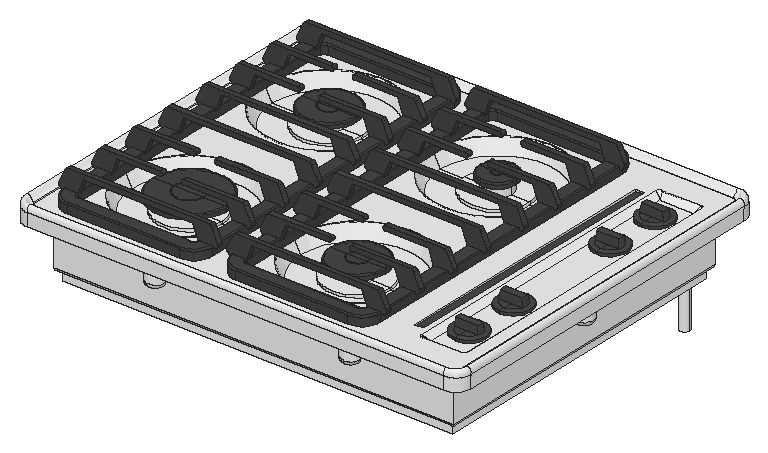
Revit family "QF_Summit_ZTL033S_Cooktop", category Specialty Equipment, Revit 2020 (continued)
Definition of nested family "Summit_Cast"
  Forms (in)
    Extrusion 4, solid
      sketch origin (0, -6.75, 0) x (1, 0, 0) y (0, 0, 1)
        loop
          line (0.74803, 0.3877) -> (1.06188, 1.25) -> (6.93812, 1.25) -> (7.25197, 0.3877) -> (8.14564, 0.3877) -> (8.25406, 0.49612)
          arc (8.25406, 0.49612) -> (8.2924, 0.56977) -> (8.28157, 0.65209) r 0.13806
          line (8.28157, 0.65209) -> (7.93816, 1.38852) -> (7.82668, 1.5) -> (0.17332, 1.5) -> (0.06184, 1.38852) -> (-0.28157, 0.65209)
          arc (-0.28157, 0.65209) -> (-0.2924, 0.56977) -> (-0.25406, 0.49612) r 0.13806
          line (-0.25406, 0.49612) -> (-0.14564, 0.3877) -> (0.74803, 0.3877)
      from 1 to 1.25
    Extrusion 5, solid
      sketch origin (0, -4.5, 0) x (1, 0, 0) y (0, 0, 1)
        loop
          line (0.74803, 0.3877) -> (1.06188, 1.25) -> (3.36913, 1.25)
          arc (3.36913, 1.25) -> (3.49413, 1.375) -> (3.36913, 1.5) r 0.125
          line (3.36913, 1.5) -> (0.17332, 1.5) -> (0.06184, 1.38852) -> (-0.28157, 0.65209)
          arc (-0.28157, 0.65209) -> (-0.2924, 0.56977) -> (-0.25406, 0.49612) r 0.13806
          line (-0.25406, 0.49612) -> (-0.14564, 0.3877) -> (0.74803, 0.3877)
        loop
          line (7.25197, 0.3877) -> (8.14564, 0.3877) -> (8.25406, 0.49612)
          arc (8.25406, 0.49612) -> (8.2924, 0.56977) -> (8.28157, 0.65209) r 0.13806
          line (8.28157, 0.65209) -> (7.93816, 1.38852) -> (7.82668, 1.5) -> (4.62959, 1.5)
          arc (4.62959, 1.5) -> (4.50459, 1.375) -> (4.62959, 1.25) r 0.125
          line (4.62959, 1.25) -> (6.93812, 1.25) -> (7.25197, 0.3877)
      from 1 to 1.25
    Extrusion 6, solid
      sketch origin (0, -18.25, 0) x (1, 0, 0) y (0, 0, -1)
        loop
          line (0.74803, -0.3877) -> (-0.14564, -0.3877) -> (-0.25406, -0.49612)
          arc (-0.25406, -0.49612) -> (-0.2924, -0.56977) -> (-0.28157, -0.65209) r 0.13806
          line (-0.28157, -0.65209) -> (0.06184, -1.38852) -> (0.17332, -1.5) -> (7.82668, -1.5) -> (7.93816, -1.38852) -> (8.28157, -0.65209)
          arc (8.28157, -0.65209) -> (8.2924, -0.56977) -> (8.25406, -0.49612) r 0.13806
          line (8.25406, -0.49612) -> (8.14564, -0.3877) -> (7.25197, -0.3877) -> (6.93812, -1.25) -> (1.06188, -1.25) -> (0.74803, -0.3877)
      from 1 to 1.25
    Extrusion 7, solid
      sketch origin (0, -16, 0) x (1, 0, 0) y (0, 0, -1)
        loop
          line (0.74803, -0.3877) -> (-0.14564, -0.3877) -> (-0.25406, -0.49612)
          arc (-0.25406, -0.49612) -> (-0.2924, -0.56977) -> (-0.28157, -0.65209) r 0.13806
          line (-0.28157, -0.65209) -> (0.06184, -1.38852) -> (0.17332, -1.5) -> (3.36913, -1.5)
          arc (3.36913, -1.5) -> (3.49413, -1.375) -> (3.36913, -1.25) r 0.125
          line (3.36913, -1.25) -> (1.06188, -1.25) -> (0.74803, -0.3877)
        loop
          line (7.25197, -0.3877) -> (6.93812, -1.25) -> (4.62959, -1.25)
          arc (4.62959, -1.25) -> (4.50459, -1.375) -> (4.62959, -1.5) r 0.125
          line (4.62959, -1.5) -> (7.82668, -1.5) -> (7.93816, -1.38852) -> (8.28157, -0.65209)
          arc (8.28157, -0.65209) -> (8.2924, -0.56977) -> (8.25406, -0.49612) r 0.13806
          line (8.25406, -0.49612) -> (8.14564, -0.3877) -> (7.25197, -0.3877)
      from 1 to 1.25
    Extrusion 8, solid
      sketch origin (0, -11.5, 0) x (1, 0, 0) y (0, 0, -1)
        loop
          line (0.74803, -0.3877) -> (-0.14564, -0.3877) -> (-0.25406, -0.49612)
          arc (-0.25406, -0.49612) -> (-0.2924, -0.56977) -> (-0.28157, -0.65209) r 0.13806
          line (-0.28157, -0.65209) -> (0.06184, -1.38852) -> (0.17332, -1.5) -> (7.82668, -1.5) -> (7.93816, -1.38852) -> (8.28157, -0.65209)
          arc (8.28157, -0.65209) -> (8.2924, -0.56977) -> (8.25406, -0.49612) r 0.13806
          line (8.25406, -0.49612) -> (8.14564, -0.3877) -> (7.25197, -0.3877) -> (6.93812, -1.25) -> (1.06188, -1.25) -> (0.74803, -0.3877)
      from 1 to 1.25
    Extrusion 9, solid
      sketch origin (0, -13.75, 0) x (1, 0, 0) y (0, 0, -1)
        loop
          line (0.74803, -0.3877) -> (-0.14564, -0.3877) -> (-0.25406, -0.49612)
          arc (-0.25406, -0.49612) -> (-0.2924, -0.56977) -> (-0.28157, -0.65209) r 0.13806
          line (-0.28157, -0.65209) -> (0.06184, -1.38852) -> (0.17332, -1.5) -> (3.36913, -1.5)
          arc (3.36913, -1.5) -> (3.49413, -1.375) -> (3.36913, -1.25) r 0.125
          line (3.36913, -1.25) -> (1.06188, -1.25) -> (0.74803, -0.3877)
        loop
          line (7.25197, -0.3877) -> (6.93812, -1.25) -> (4.62959, -1.25)
          arc (4.62959, -1.25) -> (4.50459, -1.375) -> (4.62959, -1.5) r 0.125
          line (4.62959, -1.5) -> (7.82668, -1.5) -> (7.93816, -1.38852) -> (8.28157, -0.65209)
          arc (8.28157, -0.65209) -> (8.2924, -0.56977) -> (8.25406, -0.49612) r 0.13806
          line (8.25406, -0.49612) -> (8.14564, -0.3877) -> (7.25197, -0.3877)
      from 1 to 1.25
  Lines and regions (in)
    symbolic lines
      curve 1: line (7, -0.75, 1.5) -> (1, -0.75, 1.5)
      curve 2: arc (1, -0.75, 1.5) -> (0.82322, -0.82322, 1.5) -> (0.75, -1, 1.5) r 0.25
      curve 3: line (0.75, -1, 1.5) -> (0.75, -3.25, 1.5)
      curve 4: arc (0.75, -17.25, 1.5) -> (0.82322, -17.42678, 1.5) -> (1, -17.5, 1.5) r 0.25
      curve 5: line (1, -17.5, 1.5) -> (7, -17.5, 1.5)
      curve 6: arc (7, -17.5, 1.5) -> (7.17678, -17.42678, 1.5) -> (7.25, -17.25, 1.5) r 0.25
      curve 7: arc (7.25, -1, 1.5) -> (7.17678, -0.82322, 1.5) -> (7, -0.75, 1.5) r 0.25
      curve 8: arc (0, -1, 1.5) -> (0.29289, -0.29289, 1.5) -> (1, 0, 1.5) r 1
      curve 9: line (1, 0, 1.5) -> (7, 0, 1.5)
      curve 10: arc (7, 0, 1.5) -> (7.70711, -0.29289, 1.5) -> (8, -1, 1.5) r 1
      curve 11: arc (8, -17.25, 1.5) -> (7.70711, -17.95711, 1.5) -> (7, -18.25, 1.5) r 1
      curve 12: line (7, -18.25, 1.5) -> (1, -18.25, 1.5)
      curve 13: arc (1, -18.25, 1.5) -> (0.29289, -17.95711, 1.5) -> (0, -17.25, 1.5) r 1
      curve 14: line (-0.2945, -1.25, 1.5) -> (8.2945, -1.25, 1.5)
      curve 15: line (8.2945, -1, 1.5) -> (-0.2945, -1, 1.5)
      curve 16: line (-0.2945, -1, 1.5) -> (-0.2945, -1.25, 1.5)
      curve 17: line (8.2945, -1, 1.5) -> (8.2945, -1.25, 1.5)
      curve 18: line (4.50459, -3.25, 1.5) -> (8.2945, -3.25, 1.5)
      curve 19: line (4.50459, -3.5, 1.5) -> (4.50459, -3.25, 1.5)
      curve 20: line (8.2945, -3.5, 1.5) -> (4.50459, -3.5, 1.5)
      curve 21: line (8.2945, -3.25, 1.5) -> (8.2945, -3.5, 1.5)
      curve 22: line (-0.2945, -3.25, 1.5) -> (3.49413, -3.25, 1.5)
      curve 23: line (-0.2945, -3.5, 1.5) -> (-0.2945, -3.25, 1.5)
      curve 24: line (3.49413, -3.5, 1.5) -> (0, -3.5, 1.5)
      curve 25: line (3.49413, -3.25, 1.5) -> (3.49413, -3.5, 1.5)
      curve 26: line (-0.2945, -5.5, 1.5) -> (3.49413, -5.5, 1.5)
      curve 27: line (-0.2945, -5.75, 1.5) -> (-0.2945, -5.5, 1.5)
      curve 28: line (3.49413, -5.75, 1.5) -> (-0.2945, -5.75, 1.5)
      curve 29: line (3.49413, -5.5, 1.5) -> (3.49413, -5.75, 1.5)
      curve 30: line (4.50459, -5.5, 1.5) -> (8.2945, -5.5, 1.5)
      curve 31: line (4.50459, -5.75, 1.5) -> (4.50459, -5.5, 1.5)
      curve 32: line (8.2945, -5.75, 1.5) -> (4.50459, -5.75, 1.5)
      curve 33: line (8.2945, -5.5, 1.5) -> (8.2945, -5.75, 1.5)
      curve 34: line (-0.2945, -7.75, 1.5) -> (8.2945, -7.75, 1.5)
      curve 35: line (-0.2945, -8, 1.5) -> (-0.2945, -7.75, 1.5)
      curve 36: line (8.2945, -8, 1.5) -> (-0.2945, -8, 1.5)
      curve 37: line (8.2945, -7.75, 1.5) -> (8.2945, -8, 1.5)
      curve 38: line (-0.2945, -10.25, 1.5) -> (8.2945, -10.25, 1.5)
      curve 39: line (-0.2945, -10.5, 1.5) -> (-0.2945, -10.25, 1.5)
      curve 40: line (8.2945, -10.5, 1.5) -> (-0.2945, -10.5, 1.5)
      curve 41: line (8.2945, -10.25, 1.5) -> (8.2945, -10.5, 1.5)
      curve 42: line (-0.2945, -12.5, 1.5) -> (3.49413, -12.5, 1.5)
      curve 43: line (-0.2945, -12.75, 1.5) -> (-0.2945, -12.5, 1.5)
      curve 44: line (3.49413, -12.75, 1.5) -> (-0.2945, -12.75, 1.5)
      curve 45: line (3.49413, -12.5, 1.5) -> (3.49413, -12.75, 1.5)
      curve 46: line (4.50459, -12.5, 1.5) -> (8.2945, -12.5, 1.5)
      curve 47: line (4.50459, -12.75, 1.5) -> (4.50459, -12.5, 1.5)
      curve 48: line (8.2945, -12.75, 1.5) -> (4.50459, -12.75, 1.5)
      curve 49: line (8.2945, -12.5, 1.5) -> (8.2945, -12.75, 1.5)
      curve 50: line (-0.2945, -14.75, 1.5) -> (3.49413, -14.75, 1.5)
      curve 51: line (-0.2945, -15, 1.5) -> (-0.2945, -14.75, 1.5)
      curve 52: line (3.49413, -15, 1.5) -> (-0.2945, -15, 1.5)
      curve 53: line (3.49413, -14.75, 1.5) -> (3.49413, -15, 1.5)
      curve 54: line (4.50459, -14.75, 1.5) -> (8.2945, -14.75, 1.5)
      curve 55: line (4.50459, -15, 1.5) -> (4.50459, -14.75, 1.5)
      curve 56: line (8.2945, -15, 1.5) -> (4.50459, -15, 1.5)
      curve 57: line (8.2945, -14.75, 1.5) -> (8.2945, -15, 1.5)
      curve 58: line (-0.2945, -17, 1.5) -> (8.2945, -17, 1.5)
      curve 59: line (-0.2945, -17.25, 1.5) -> (-0.2945, -17, 1.5)
      curve 60: line (8.2945, -17.25, 1.5) -> (-0.2945, -17.25, 1.5)
      curve 61: line (8.2945, -17, 1.5) -> (8.2945, -17.25, 1.5)
      curve 62: line (8, -1.25, 1.5) -> (8, -3.25, 1.5)
      curve 63: line (0, -3.25, 1.5) -> (0, -1.25, 1.5)
      curve 64: line (0, -3.5, 1.5) -> (-0.2945, -3.5, 1.5)
      curve 65: line (0.75, -3.5, 1.5) -> (0.75, -5.5, 1.5)
      curve 66: line (7.25, -3.25, 1.5) -> (7.25, -1, 1.5)
      curve 67: line (8, -3.5, 1.5) -> (8, -5.5, 1.5)
      curve 68: line (8, -5.75, 1.5) -> (8, -7.75, 1.5)
      curve 69: line (7.25, -5.5, 1.5) -> (7.25, -3.5, 1.5)
      curve 70: line (0.75, -5.75, 1.5) -> (0.75, -7.75, 1.5)
      curve 71: line (0, -5.5, 1.5) -> (0, -3.5, 1.5)
      curve 72: line (0, -7.75, 1.5) -> (0, -5.75, 1.5)
      curve 73: line (0.75, -8, 1.5) -> (0.75, -10.25, 1.5)
      curve 74: line (7.25, -7.75, 1.5) -> (7.25, -5.75, 1.5)
      curve 75: line (8, -8, 1.5) -> (8, -10.25, 1.5)
      curve 76: line (8, -10.5, 1.5) -> (8, -12.5, 1.5)
      curve 77: line (7.25, -10.25, 1.5) -> (7.25, -8, 1.5)
      curve 78: line (8, -12.75, 1.5) -> (8, -14.75, 1.5)
      curve 79: line (7.25, -12.5, 1.5) -> (7.25, -10.5, 1.5)
      curve 80: line (8, -15, 1.5) -> (8, -17, 1.5)
      curve 81: line (7.25, -14.75, 1.5) -> (7.25, -12.75, 1.5)
      curve 82: line (0.75, -12.75, 1.5) -> (0.75, -14.75, 1.5)
      curve 83: line (0.75, -10.5, 1.5) -> (0.75, -12.5, 1.5)
      curve 84: line (0, -12.5, 1.5) -> (0, -8, 1.5)
      curve 85: line (0, -14.75, 1.5) -> (0, -12.75, 1.5)
      curve 86: line (0.75, -15, 1.5) -> (0.75, -17, 1.5)
      curve 87: line (7.25, -17, 1.5) -> (7.25, -15, 1.5)
      curve 88: line (0, -17, 1.5) -> (0, -15, 1.5)
  Dimensions and locks (in)
    equal spacing: plane 3 "LEFT", plane 7 "Center Y", plane 4 "RIGHT"
    "Length": plane 3 "LEFT" to plane 4 "RIGHT"
    equal spacing: plane 5 "FRONT", plane 8 "Center X", plane 1 "BACK"
    "Depth": plane 5 "FRONT" to plane 1 "BACK"
    "Height": plane 6 "TOP" to level
    aligned and locked: level to plane 2
  Automatic sketch dimensions
    Sweep 1 sketch curve to plane 4 "RIGHT" = 0"
    plane 5 "FRONT" to Sweep 1 sketch curve = 0"
    plane 1 "BACK" to Sweep 1 sketch curve = 0"
    Sweep 1 sketch curve to plane 3 "LEFT" = 0"
    Sweep 1 sketch curve to Sweep 1 sketch curve = 1"
    plane 4 "RIGHT" to Sweep 1 sketch curve = 1"
    plane 3 "LEFT" to Sweep 1 sketch curve = 1"  (x2)
    Sweep 1 sketch curve to profile plane = 0"
    profile plane to Sweep 1 sketch curve = 1/16"
    Sweep 1 sketch curve to Sweep 1 sketch curve = 5/8"
    Sweep 1 sketch curve to Sweep 1 sketch curve = 1/16"
    Sweep 1 sketch curve to plane 6 "TOP" = 1 1/2"
    Sweep 1 sketch curve to Sweep 1 sketch curve = 7/16"
    Extrusion 2 sketch curve to plane 6 "TOP" = 0"
    Extrusion 2 sketch curve to plane 3 "LEFT" = 0.28157"
    Extrusion 2 sketch curve to Extrusion 2 sketch curve = 0.0275"
    Extrusion 2 sketch curve to Extrusion 2 sketch curve = 0.12513"  (x2)
    Extrusion 2 sketch curve to plane 3 "LEFT" = 0.14564"
    plane 3 "LEFT" to Extrusion 2 sketch curve = 0.06184"
    Extrusion 2 sketch curve to Extrusion 2 sketch curve = 0.11148"
    plane 3 "LEFT" to Extrusion 2 sketch curve = 0.74803"
    Extrusion 2 sketch curve to plane 6 "TOP" = 1/4"
    Extrusion 2 sketch curve to Extrusion 2 sketch curve = 0.31385"
    plane 4 "RIGHT" to Extrusion 2 sketch curve = 1.06188"
    plane 4 "RIGHT" to Extrusion 2 sketch curve = 0.74803"
    plane 4 "RIGHT" to Extrusion 2 sketch curve = 0.17332"
    plane 4 "RIGHT" to Extrusion 2 sketch curve = 0.06184"
    Extrusion 2 sketch curve to plane 4 "RIGHT" = 0.14564"
    Extrusion 2 sketch curve to plane 4 "RIGHT" = 0.15644"
    Extrusion 2 sketch curve to Extrusion 2 sketch curve = 0.09762"
    level to Extrusion 2 sketch curve = 0.65209"  (x2)
    Extrusion 2 sketch curve to Extrusion 2 sketch curve = 0.05835"  (x2)
    level to Extrusion 2 sketch curve = 0.3877"
    Extrusion 2 sketch curve to Extrusion 2 sketch curve = 0.10842"
    Extrusion 2 sketch curve to plane 6 "TOP" = 0.11148"  (x2)
    Extrusion 3 sketch curve to plane 6 "TOP" = 0"  (x2)
    Extrusion 3 sketch curve to plane 3 "LEFT" = 0.28157"
    Extrusion 3 sketch curve to Extrusion 3 sketch curve = 0.0275"
    Extrusion 3 sketch curve to Extrusion 3 sketch curve = 0.12513"  (x2)
    Extrusion 3 sketch curve to plane 3 "LEFT" = 0.14564"
    plane 3 "LEFT" to Extrusion 3 sketch curve = 0.06184"
    Extrusion 3 sketch curve to Extrusion 3 sketch curve = 0.11148"
    plane 3 "LEFT" to Extrusion 3 sketch curve = 0.74803"
    Extrusion 3 sketch curve to plane 6 "TOP" = 1/4"  (x2)
    Extrusion 3 sketch curve to Extrusion 3 sketch curve = 0.31385"
    Extrusion 3 sketch curve to plane 7 "Center Y" = 0.63087"
    plane 7 "Center Y" to Extrusion 3 sketch curve = 0.62959"
    plane 4 "RIGHT" to Extrusion 3 sketch curve = 1.06188"
    plane 4 "RIGHT" to Extrusion 3 sketch curve = 0.74803"
    plane 4 "RIGHT" to Extrusion 3 sketch curve = 0.17332"
    plane 4 "RIGHT" to Extrusion 3 sketch curve = 0.06184"
    Extrusion 3 sketch curve to plane 4 "RIGHT" = 0.14564"
    Extrusion 3 sketch curve to plane 4 "RIGHT" = 0.15644"
    Extrusion 3 sketch curve to Extrusion 3 sketch curve = 0.09762"
    level to Extrusion 3 sketch curve = 0.65209"  (x2)
    Extrusion 3 sketch curve to Extrusion 3 sketch curve = 0.05835"  (x2)
    level to Extrusion 3 sketch curve = 0.3877"
    Extrusion 3 sketch curve to Extrusion 3 sketch curve = 0.10842"
    Extrusion 3 sketch curve to plane 6 "TOP" = 0.11148"  (x2)
    Extrusion 4 sketch curve to plane 6 "TOP" = 0"
    Extrusion 4 sketch curve to plane 3 "LEFT" = 0.28157"
    Extrusion 4 sketch curve to Extrusion 4 sketch curve = 0.0275"
    Extrusion 4 sketch curve to Extrusion 4 sketch curve = 0.12513"  (x2)
    Extrusion 4 sketch curve to plane 3 "LEFT" = 0.14564"
    plane 3 "LEFT" to Extrusion 4 sketch curve = 0.06184"
    Extrusion 4 sketch curve to Extrusion 4 sketch curve = 0.11148"
    plane 3 "LEFT" to Extrusion 4 sketch curve = 0.74803"
    Extrusion 4 sketch curve to plane 6 "TOP" = 1/4"
    Extrusion 4 sketch curve to Extrusion 4 sketch curve = 0.31385"
    plane 4 "RIGHT" to Extrusion 4 sketch curve = 1.06188"
    plane 4 "RIGHT" to Extrusion 4 sketch curve = 0.74803"
    plane 4 "RIGHT" to Extrusion 4 sketch curve = 0.17332"
    plane 4 "RIGHT" to Extrusion 4 sketch curve = 0.06184"
    Extrusion 4 sketch curve to plane 4 "RIGHT" = 0.14564"
    Extrusion 4 sketch curve to plane 4 "RIGHT" = 0.15644"
    Extrusion 4 sketch curve to Extrusion 4 sketch curve = 0.09762"
    level to Extrusion 4 sketch curve = 0.65209"  (x2)
    Extrusion 4 sketch curve to Extrusion 4 sketch curve = 0.05835"  (x2)
    level to Extrusion 4 sketch curve = 0.3877"
    Extrusion 4 sketch curve to Extrusion 4 sketch curve = 0.10842"
    Extrusion 4 sketch curve to plane 6 "TOP" = 0.11148"  (x2)
    Extrusion 5 sketch curve to plane 6 "TOP" = 0"  (x2)
    Extrusion 5 sketch curve to plane 3 "LEFT" = 0.28157"
    Extrusion 5 sketch curve to Extrusion 5 sketch curve = 0.0275"
    Extrusion 5 sketch curve to Extrusion 5 sketch curve = 0.12513"  (x2)
    Extrusion 5 sketch curve to plane 3 "LEFT" = 0.14564"
    plane 3 "LEFT" to Extrusion 5 sketch curve = 0.06184"
    Extrusion 5 sketch curve to Extrusion 5 sketch curve = 0.11148"
    plane 3 "LEFT" to Extrusion 5 sketch curve = 0.74803"
    Extrusion 5 sketch curve to plane 6 "TOP" = 1/4"  (x2)
    Extrusion 5 sketch curve to Extrusion 5 sketch curve = 0.31385"
    Extrusion 5 sketch curve to plane 7 "Center Y" = 0.63087"
    plane 7 "Center Y" to Extrusion 5 sketch curve = 0.62959"
    plane 4 "RIGHT" to Extrusion 5 sketch curve = 1.06188"
    plane 4 "RIGHT" to Extrusion 5 sketch curve = 0.74803"
    plane 4 "RIGHT" to Extrusion 5 sketch curve = 0.17332"
    plane 4 "RIGHT" to Extrusion 5 sketch curve = 0.06184"
    Extrusion 5 sketch curve to plane 4 "RIGHT" = 0.14564"
    Extrusion 5 sketch curve to plane 4 "RIGHT" = 0.15644"
    Extrusion 5 sketch curve to Extrusion 5 sketch curve = 0.09762"
    level to Extrusion 5 sketch curve = 0.65209"  (x2)
    Extrusion 5 sketch curve to Extrusion 5 sketch curve = 0.05835"  (x2)
    level to Extrusion 5 sketch curve = 0.3877"
    Extrusion 5 sketch curve to Extrusion 5 sketch curve = 0.10842"
    Extrusion 5 sketch curve to plane 6 "TOP" = 0.11148"  (x2)
    Extrusion 6 sketch curve to plane 6 "TOP" = 0"
    Extrusion 6 sketch curve to plane 3 "LEFT" = 0.28157"
    Extrusion 6 sketch curve to Extrusion 6 sketch curve = 0.0275"
    Extrusion 6 sketch curve to Extrusion 6 sketch curve = 0.12513"  (x2)
    Extrusion 6 sketch curve to plane 3 "LEFT" = 0.14564"
    plane 3 "LEFT" to Extrusion 6 sketch curve = 0.06184"
    Extrusion 6 sketch curve to Extrusion 6 sketch curve = 0.11148"
    plane 3 "LEFT" to Extrusion 6 sketch curve = 0.74803"
    Extrusion 6 sketch curve to plane 6 "TOP" = 1/4"
    Extrusion 6 sketch curve to Extrusion 6 sketch curve = 0.31385"
    plane 4 "RIGHT" to Extrusion 6 sketch curve = 1.06188"
    plane 4 "RIGHT" to Extrusion 6 sketch curve = 0.74803"
    plane 4 "RIGHT" to Extrusion 6 sketch curve = 0.17332"
    plane 4 "RIGHT" to Extrusion 6 sketch curve = 0.06184"
    Extrusion 6 sketch curve to plane 4 "RIGHT" = 0.14564"
    Extrusion 6 sketch curve to plane 4 "RIGHT" = 0.15644"
    Extrusion 6 sketch curve to Extrusion 6 sketch curve = 0.09762"
    Extrusion 6 sketch curve to plane 6 "TOP" = 0.11148"  (x2)
    level to Extrusion 6 sketch curve = 0.65209"  (x2)
    Extrusion 6 sketch curve to Extrusion 6 sketch curve = 0.05835"  (x2)
    Extrusion 6 sketch curve to Extrusion 6 sketch curve = 0.10842"
    level to Extrusion 6 sketch curve = 0.3877"
    Extrusion 7 sketch curve to plane 6 "TOP" = 0"  (x2)
    Extrusion 7 sketch curve to plane 3 "LEFT" = 0.28157"
    Extrusion 7 sketch curve to Extrusion 7 sketch curve = 0.0275"
    Extrusion 7 sketch curve to Extrusion 7 sketch curve = 0.12513"  (x2)
    Extrusion 7 sketch curve to plane 3 "LEFT" = 0.14564"
    plane 3 "LEFT" to Extrusion 7 sketch curve = 0.06184"
    Extrusion 7 sketch curve to Extrusion 7 sketch curve = 0.11148"
    plane 3 "LEFT" to Extrusion 7 sketch curve = 0.74803"
    Extrusion 7 sketch curve to plane 6 "TOP" = 1/4"  (x2)
    Extrusion 7 sketch curve to Extrusion 7 sketch curve = 0.31385"
    Extrusion 7 sketch curve to plane 7 "Center Y" = 0.63087"
    plane 7 "Center Y" to Extrusion 7 sketch curve = 0.62959"
    plane 4 "RIGHT" to Extrusion 7 sketch curve = 1.06188"
    plane 4 "RIGHT" to Extrusion 7 sketch curve = 0.74803"
    plane 4 "RIGHT" to Extrusion 7 sketch curve = 0.17332"
    plane 4 "RIGHT" to Extrusion 7 sketch curve = 0.06184"
    Extrusion 7 sketch curve to plane 4 "RIGHT" = 0.14564"
    Extrusion 7 sketch curve to plane 4 "RIGHT" = 0.15644"
    Extrusion 7 sketch curve to Extrusion 7 sketch curve = 0.09762"
    Extrusion 7 sketch curve to plane 6 "TOP" = 0.11148"  (x2)
    level to Extrusion 7 sketch curve = 0.65209"  (x2)
    Extrusion 7 sketch curve to Extrusion 7 sketch curve = 0.05835"  (x2)
    Extrusion 7 sketch curve to Extrusion 7 sketch curve = 0.10842"
    level to Extrusion 7 sketch curve = 0.3877"
    Extrusion 8 sketch curve to plane 6 "TOP" = 0"
    Extrusion 8 sketch curve to plane 3 "LEFT" = 0.28157"
    Extrusion 8 sketch curve to Extrusion 8 sketch curve = 0.0275"
    Extrusion 8 sketch curve to Extrusion 8 sketch curve = 0.12513"  (x2)
    Extrusion 8 sketch curve to plane 3 "LEFT" = 0.14564"
    plane 3 "LEFT" to Extrusion 8 sketch curve = 0.06184"
    Extrusion 8 sketch curve to Extrusion 8 sketch curve = 0.11148"
    plane 3 "LEFT" to Extrusion 8 sketch curve = 0.74803"
    Extrusion 8 sketch curve to plane 6 "TOP" = 1/4"
    Extrusion 8 sketch curve to Extrusion 8 sketch curve = 0.31385"
    plane 4 "RIGHT" to Extrusion 8 sketch curve = 1.06188"
    plane 4 "RIGHT" to Extrusion 8 sketch curve = 0.74803"
    plane 4 "RIGHT" to Extrusion 8 sketch curve = 0.17332"
    plane 4 "RIGHT" to Extrusion 8 sketch curve = 0.06184"
    Extrusion 8 sketch curve to plane 4 "RIGHT" = 0.14564"
    Extrusion 8 sketch curve to plane 4 "RIGHT" = 0.15644"
    Extrusion 8 sketch curve to Extrusion 8 sketch curve = 0.09762"
    Extrusion 8 sketch curve to plane 6 "TOP" = 0.11148"  (x2)
    level to Extrusion 8 sketch curve = 0.65209"  (x2)
    Extrusion 8 sketch curve to Extrusion 8 sketch curve = 0.05835"  (x2)
    Extrusion 8 sketch curve to Extrusion 8 sketch curve = 0.10842"
    level to Extrusion 8 sketch curve = 0.3877"
    Extrusion 9 sketch curve to plane 6 "TOP" = 0"  (x2)
    Extrusion 9 sketch curve to plane 3 "LEFT" = 0.28157"
    Extrusion 9 sketch curve to Extrusion 9 sketch curve = 0.0275"
    Extrusion 9 sketch curve to Extrusion 9 sketch curve = 0.12513"  (x2)
    Extrusion 9 sketch curve to plane 3 "LEFT" = 0.14564"
    plane 3 "LEFT" to Extrusion 9 sketch curve = 0.06184"
    Extrusion 9 sketch curve to Extrusion 9 sketch curve = 0.11148"
    plane 3 "LEFT" to Extrusion 9 sketch curve = 0.74803"
    Extrusion 9 sketch curve to plane 6 "TOP" = 1/4"  (x2)
    Extrusion 9 sketch curve to Extrusion 9 sketch curve = 0.31385"
    Extrusion 9 sketch curve to plane 7 "Center Y" = 0.63087"
    plane 7 "Center Y" to Extrusion 9 sketch curve = 0.62959"
    plane 4 "RIGHT" to Extrusion 9 sketch curve = 1.06188"
    plane 4 "RIGHT" to Extrusion 9 sketch curve = 0.74803"
    plane 4 "RIGHT" to Extrusion 9 sketch curve = 0.17332"
    plane 4 "RIGHT" to Extrusion 9 sketch curve = 0.06184"
    Extrusion 9 sketch curve to plane 4 "RIGHT" = 0.14564"
    Extrusion 9 sketch curve to plane 4 "RIGHT" = 0.15644"
    Extrusion 9 sketch curve to Extrusion 9 sketch curve = 0.09762"
    Extrusion 9 sketch curve to plane 6 "TOP" = 0.11148"  (x2)
    level to Extrusion 9 sketch curve = 0.65209"  (x2)
    Extrusion 9 sketch curve to Extrusion 9 sketch curve = 0.05835"  (x2)
    Extrusion 9 sketch curve to Extrusion 9 sketch curve = 0.10842"
    level to Extrusion 9 sketch curve = 0.3877"
    curve 2 to curve 8 = 0"  (x2)
    curve 4 to curve 13 = 0"
    curve 6 to curve 11 = 0"
    curve 7 to curve 10 = 0"  (x2)
    curve 62 to plane 4 "RIGHT" = 0"
    curve 10 to plane 4 "RIGHT" = 0"
    plane 1 "BACK" to curve 9 = 0"
    plane 5 "FRONT" to curve 11 = 0"
    curve 24 to plane 3 "LEFT" = 0"
    curve 63 to plane 3 "LEFT" = 0"
    curve 49 to plane 4 "RIGHT" = 0.2945"
    curve 30 to plane 4 "RIGHT" = 0.2945"
    curve 14 to plane 4 "RIGHT" = 0.2945"
    curve 41 to plane 4 "RIGHT" = 0.2945"
    curve 54 to plane 4 "RIGHT" = 0.2945"
    curve 18 to plane 4 "RIGHT" = 0.2945"
    curve 37 to plane 4 "RIGHT" = 0.2945"
    curve 58 to plane 4 "RIGHT" = 0.2945"
    curve 10 to curve 66 = 3/4"
    curve 66 to curve 10 = 1/4"
    plane 7 "Center Y" to curve 20 = 0.50459"
    plane 7 "Center Y" to curve 55 = 0.50459"
    plane 7 "Center Y" to curve 46 = 0.50459"
    plane 7 "Center Y" to curve 32 = 0.50459"
    curve 29 to plane 7 "Center Y" = 0.50587"
    curve 42 to plane 7 "Center Y" = 0.50587"
    curve 22 to plane 7 "Center Y" = 0.50587"
    curve 53 to plane 7 "Center Y" = 0.50587"
    curve 63 to curve 14 = 0.2945"
    curve 50 to plane 3 "LEFT" = 0.2945"
    curve 44 to plane 3 "LEFT" = 0.2945"
    curve 40 to plane 3 "LEFT" = 0.2945"
    curve 63 to curve 22 = 0.2945"
    curve 58 to plane 3 "LEFT" = 0.2945"
    curve 36 to plane 3 "LEFT" = 0.2945"
    curve 26 to plane 3 "LEFT" = 0.2945"
    curve 15 to curve 16 = 1/4"
    curve 14 to curve 18 = 2"
    curve 22 to curve 18 = 0"
    curve 18 to curve 19 = 1/4"
    curve 22 to curve 24 = 1/4"
    curve 22 to curve 64 = 1/4"
    curve 19 to curve 30 = 2"
    curve 29 to curve 30 = 0"
    curve 30 to curve 31 = 1/4"
    curve 26 to curve 29 = 1/4"
    plane 8 "Center X" to curve 35 = 1 3/8"
    curve 34 to curve 37 = 1/4"
    curve 41 to plane 8 "Center X" = 1 1/8"
    curve 38 to curve 41 = 1/4"
    curve 40 to curve 46 = 2"
    curve 39 to curve 43 = 2"
    curve 46 to curve 49 = 1/4"
    curve 42 to curve 45 = 1/4"
    curve 43 to curve 51 = 2"
    curve 50 to curve 54 = 0"
    curve 54 to curve 55 = 1/4"
    curve 50 to curve 51 = 1/4"
    curve 59 to curve 13 = 1/4"
    curve 8 to plane 3 "LEFT" = 0"
    curve 69 to curve 66 = 0"
    curve 11 to plane 4 "RIGHT" = 0"
    curve 67 to plane 4 "RIGHT" = 0"
    curve 65 to curve 70 = 0"
    curve 72 to plane 3 "LEFT" = 0"
    curve 70 to curve 73 = 0"
    curve 74 to curve 77 = 0"
    curve 68 to plane 4 "RIGHT" = 0"
    curve 75 to plane 4 "RIGHT" = 0"
    curve 68 to curve 74 = 3/4"
    curve 76 to plane 4 "RIGHT" = 0"
    curve 79 to curve 77 = 0"
    curve 78 to plane 4 "RIGHT" = 0"
    curve 81 to curve 79 = 0"
    plane 3 "LEFT" to curve 70 = 3/4"
    curve 83 to curve 82 = 0"
    curve 84 to plane 3 "LEFT" = 0"
    curve 85 to plane 3 "LEFT" = 0"
    curve 82 to curve 86 = 0"
    curve 80 to plane 4 "RIGHT" = 0"
    curve 87 to curve 81 = 0"
    curve 87 to curve 5 = 1/4"
    plane 3 "LEFT" to curve 82 = 3/4"
    curve 4 to curve 4 = 1/4"
    curve 88 to plane 3 "LEFT" = 0"
    curve 13 to plane 3 "LEFT" = 0"
